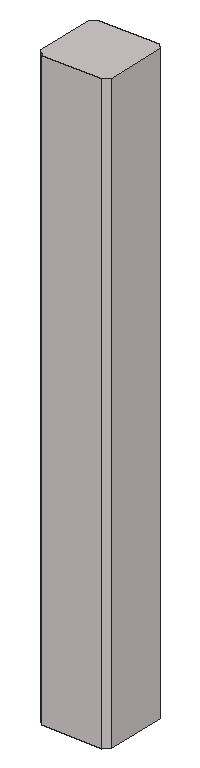
Revit family
Parameters (values of type "300 x 300mm")
  Column Material [instance] = Concrete - Precast Concrete - 35 MPa
  Chamfer = 25 mm
  b = 300 mm
  h = 300 mm
Types (4, lengths in mm): name | Chamfer | b | h
  (no name) | 25 | 300 | 300
  300 x 300mm | 25 | 300 | 300
  450 x 450mm | 25 | 450 | 450
  600 x 600mm | 40 | 600 | 600
Reference planes
  plane 1 "Center (Front/Back)": y = 0
  plane 2: z = 0
  plane 3 "Center (Left/Right)": x = 0
  plane 4: x = -150
  plane 5: x = 150
  plane 6: y = 150
  plane 7: y = -150
  plane 8: x = -125
  plane 9: y = -125
  plane 10: x = 125
  plane 11: y = 125
Forms (mm)
  Extrusion 1, solid, material "Concrete - Precast Concrete - 35 MPa" <- "Column Material"
    sketch origin (0, 0, 0) x (1, 0, 0) y (0, 1, 0)
      loop
        line (-125, 150) -> (-150, 125) -> (-150, -125) -> (-125, -150) -> (125, -150) -> (150, -125) -> (150, 125) -> (125, 150) -> (-125, 150)
    from 0 to 2500
Dimensions and locks
  equal spacing: plane 4, plane 3 "Center (Left/Right)", plane 5
  equal spacing: plane 7, plane 1 "Center (Front/Back)", plane 6
  "h": plane 7 to plane 6
  "b": plane 4 to plane 5
  "Chamfer": plane 4 to plane 8
  "Chamfer": plane 10 to plane 5
  "Chamfer": plane 11 to plane 6
  "Chamfer": plane 7 to plane 9
  aligned and locked: plane 6 to Extrusion 1 sketch curve
  aligned and locked: Extrusion 1 sketch curve to plane 7
  aligned and locked: Extrusion 1 sketch curve to plane 4
  aligned and locked: plane 5 to Extrusion 1 sketch curve
  aligned and locked: level to Extrusion 1
  aligned and locked: level to plane 2
  aligned and locked: Extrusion 1 to plane 2
Automatic sketch dimensions
  Extrusion 1 sketch curve to plane 8 = 0 mm  (x2)
  Extrusion 1 sketch curve to plane 10 = 0 mm  (x2)
  Extrusion 1 sketch curve to plane 9 = 0 mm  (x2)
  Extrusion 1 sketch curve to plane 11 = 0 mm  (x2)
